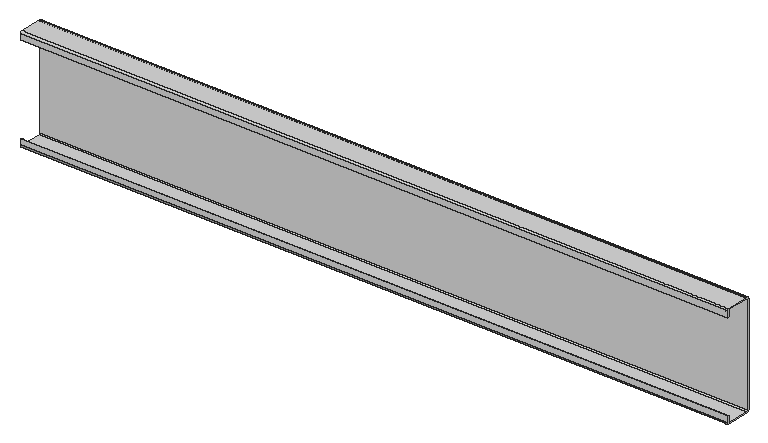
Revit family "051200 - Structural Steel Framing - Light Gauge - Joists", category Structural Framing, Revit 2020
Family settings
  Structural Framing Length Roundoff = 0' - 0"
  Section Shape = Not Defined
  Material for Model Behavior = Steel
  Always export as geometry = No
  OmniClass Number = 23.25.30.11.14.14
  OmniClass Title = Beams
  Always vertical = Yes
  Cut with Voids When Loaded = No
  Symbolic Representation = From Project Settings
  Shared = No
  Show family pre-cut in plan views = Yes
Parameters (values of type "7"x1.75"")
  t1 = if((t / 0.95 * 0' 1" / 1000) < 0' 0 1/32", 0' 0 1/32", (t / 0.95 * 0' 1" / 1000))  # 0' - 0.05684"
  t = 54
  d = 0' - 0 1/2"
  W = 0
  Structural Material [instance] = Metal - Light Gauge
  B = 0' - 1 3/4"
  Assembly Code = "B10"
  Length [instance] = 5' - 0"
  D = 0' - 7"
  A = 0.00 in²
Types (2): name | B | D
  7"x1.75" | 0' - 1 3/4" | 0' - 7"
  6"x1.5" | 0' - 1 1/2" | 0' - 6"
Reference planes (in)
  plane 1 "Center (Front/Back)": y = 0
  plane 2: z = 0
  plane 3 "Center (Left/Right)": x = 0.0003
  plane 4 "Member Left": x = -23.8185
  plane 5 "Member Right": x = 24.1815
  plane 6 "Top": z = 3.5
  plane 7: z = -3.5
  plane 8 "Left": x = -29.8185
  plane 9 "Right": x = 30.1815
  plane 10: y = -1.75
  plane 11: z = -3
  plane 12: z = 3
Forms (in)
  Sweep 1, solid, material "Metal - Light Gauge" <- "Structural Material"
    path origin (0, 0.00061, 0) x (1, 0, 0) y (0, 1, 0)
      loop
        line (24.1815, -0.00061) -> (-23.8185, -0.00061)
    profile origin (0.1815, 0, 0) x (0, -1, 0) y (0, 0, 1)
      loop
        line (0, 3.38132) -> (0, -3.38132)
        arc (0, -3.38132) -> (0.03476, -3.46524) -> (0.11868, -3.5) r 0.11868
        line (0.11868, -3.5) -> (1.63132, -3.5)
        arc (1.63132, -3.5) -> (1.71524, -3.46524) -> (1.75, -3.38132) r 0.11868
        line (1.75, -3.38132) -> (1.75, -3) -> (1.69316, -3) -> (1.69316, -3.38132)
        arc (1.69316, -3.38132) -> (1.67505, -3.42505) -> (1.63132, -3.44316) r 0.06184
        line (1.63132, -3.44316) -> (0.11868, -3.44316)
        arc (0.11868, -3.44316) -> (0.07495, -3.42505) -> (0.05684, -3.38132) r 0.06184
        line (0.05684, -3.38132) -> (0.05684, 3.38132)
        arc (0.05684, 3.38132) -> (0.07495, 3.42505) -> (0.11868, 3.44316) r 0.06184
        line (0.11868, 3.44316) -> (1.63132, 3.44316)
        arc (1.63132, 3.44316) -> (1.67505, 3.42505) -> (1.69316, 3.38132) r 0.06184
        line (1.69316, 3.38132) -> (1.69316, 3) -> (1.75, 3) -> (1.75, 3.38132)
        arc (1.75, 3.38132) -> (1.71524, 3.46524) -> (1.63132, 3.5) r 0.11868
        line (1.63132, 3.5) -> (0.11868, 3.5)
        arc (0.11868, 3.5) -> (0.03476, 3.46524) -> (0, 3.38132) r 0.11868
Lines and regions (in)
  symbolic lines, style "Hidden Faces", detail levels medium+fine
    curve 1: line (-23.8185, -0.05684, 0) -> (24.1815, -0.05684, 0)
    curve 2: line (-23.8185, 0.1875, 3.46875) -> (24.1815, 0.1875, 3.46875)
    curve 3: line (-23.8185, 0.1875, -3.46875) -> (24.1815, 0.1875, -3.46875)
    curve 4: line (-23.8185, -1.69316, 0) -> (24.1815, -1.69316, 0)
    curve 5: line (24.1815, 0, 3) -> (-23.8185, 0, 3)
    curve 6: line (24.1815, 0, -3) -> (-23.8185, 0, -3)
Dimensions and locks (in)
  "D": plane 7 to plane 6 "Top"
  equal spacing: plane 7, plane 2, plane 6 "Top"
  "Length": plane 8 "Left" to plane 9 "Right"
  "B": plane 1 "Center (Front/Back)" to plane 10
  "d": plane 7 to plane 11
  "d": plane 12 to plane 6 "Top"
  "t1": Sweep 1 sketch curve to Sweep 1 sketch curve  (x5)
  "t1": curve 1 to plane 1 "Center (Front/Back)"
  "t1": plane 10 to curve 4
  aligned and locked: Sweep 1 to plane 1 "Center (Front/Back)"
  aligned and locked: Sweep 1 to plane 6 "Top"
  aligned and locked: Sweep 1 sketch curve to plane 10
  aligned and locked: Sweep 1 sketch curve to plane 12
  aligned and locked: plane 11 to Sweep 1 sketch curve
  aligned and locked: Sweep 1 sketch curve to plane 1 "Center (Front/Back)"
  aligned and locked: Sweep 1 sketch curve to plane 6 "Top"
  aligned and locked: plane 10 to Sweep 1 sketch curve
  aligned and locked: plane 7 to Sweep 1 sketch curve
  aligned and locked: Sweep 1 to curve 6
  aligned and locked: plane 11 to Sweep 1
  aligned and locked: plane 12 to Sweep 1
  aligned and locked: curve 5 to Sweep 1
  aligned and locked: plane 4 "Member Left" to Sweep 1 sketch curve
  aligned and locked: plane 5 "Member Right" to Sweep 1 sketch curve
  aligned and locked: plane 4 "Member Left" to curve 1
  aligned and locked: plane 4 "Member Left" to curve 4
  aligned and locked: plane 5 "Member Right" to curve 1
  aligned and locked: plane 5 "Member Right" to curve 4
  aligned and locked: plane 4 "Member Left" to curve 2
  aligned and locked: plane 4 "Member Left" to curve 5
  aligned and locked: plane 4 "Member Left" to curve 3
  aligned and locked: plane 5 "Member Right" to curve 2
  aligned and locked: plane 5 "Member Right" to curve 5
  aligned and locked: plane 5 "Member Right" to curve 6
  aligned and locked: plane 5 "Member Right" to curve 3
Automatic sketch dimensions
  Sweep 1 sketch curve to Sweep 1 sketch curve = 0' - 0"  (x4)
  Sweep 1 sketch curve to Sweep 1 sketch curve = 0' - 0.06184"  (x4)
  curve 6 to plane 11 = 0' - 0"
  curve 3 to plane 7 = 0' - 0 1/32"
  plane 6 "Top" to curve 2 = 0' - 0 1/32"
  plane 1 "Center (Front/Back)" to Sweep 1 sketch curve = 0' - 0"
Types in the file's own list only (156): name | t1 | t | d | B | D
  C5 1/2 | 0' - 0 1/32" | 18 | 0' - 0 13/32" | 0' - 1 7/8" | 0' - 5 1/2"
  C6 | 0' - 0 1/32" | 18 | 0' - 0 13/32" | 0' - 1 5/8" | 0' - 6"
  C7 1/4 | 0' - 0 1/32" | 18 | 0' - 0 13/32" | 0' - 1 3/4" | 0' - 7 1/4"
  C8 | 0' - 0 1/32" | 18 | 0' - 0 13/32" | 0' - 2" | 0' - 8"
  C9 1/4 | 0' - 0 1/32" | 18 | 0' - 0 13/32" | 0' - 2 1/2" | 0' - 9 1/4"
  C10 | 0' - 0 1/32" | 18 | 0' - 0 13/32" | 0' - 2 1/2" | 0' - 10"
  C12 | 0' - 0 1/32" | 18 | 0' - 0 13/32" | 0' - 2 1/2" | 1' - 0"
  162S125-18 | 0' - 0 1/32" | 18 | 0' - 0 3/16" | 0' - 1 1/4" | 0' - 1 5/8"
  162S125-27 | 0' - 0 1/32" | 27 | 0' - 0 3/16" | 0' - 1 1/4" | 0' - 1 5/8"
  162S125-30 | 0' - 0 1/32" | 30 | 0' - 0 3/16" | 0' - 1 1/4" | 0' - 1 5/8"
  162S125-33 | 0' - 0 1/32" | 33 | 0' - 0 3/16" | 0' - 1 1/4" | 0' - 1 5/8"
  250S125-18 | 0' - 0 1/32" | 18 | 0' - 0 3/16" | 0' - 1 1/4" | 0' - 2 1/2"
  250S125-27 | 0' - 0 1/32" | 27 | 0' - 0 3/16" | 0' - 1 1/4" | 0' - 2 1/2"
  250S125-30 | 0' - 0 1/32" | 30 | 0' - 0 3/16" | 0' - 1 1/4" | 0' - 2 1/2"
  250S125-33 | 0' - 0 1/32" | 33 | 0' - 0 3/16" | 0' - 1 1/4" | 0' - 2 1/2"
  250S125-43 | 0' - 0 1/32" | 43 | 0' - 0 3/16" | 0' - 1 1/4" | 0' - 2 1/2"
  250S125-54 | 0' - 0 1/16" | 54 | 0' - 0 3/16" | 0' - 1 1/4" | 0' - 2 1/2"
  250S125-68 | 0' - 0 1/16" | 68 | 0' - 0 3/16" | 0' - 1 1/4" | 0' - 2 1/2"
  350S125-18 | 0' - 0 1/32" | 18 | 0' - 0 3/16" | 0' - 1 1/4" | 0' - 3 1/2"
  350S125-27 | 0' - 0 1/32" | 27 | 0' - 0 3/16" | 0' - 1 1/4" | 0' - 3 1/2"
  350S125-30 | 0' - 0 1/32" | 30 | 0' - 0 3/16" | 0' - 1 1/4" | 0' - 3 1/2"
  350S125-33 | 0' - 0 1/32" | 33 | 0' - 0 3/16" | 0' - 1 1/4" | 0' - 3 1/2"
  350S125-43 | 0' - 0 1/32" | 43 | 0' - 0 3/16" | 0' - 1 1/4" | 0' - 3 1/2"
  350S125-54 | 0' - 0 1/16" | 54 | 0' - 0 3/16" | 0' - 1 1/4" | 0' - 3 1/2"
  350S125-68 | 0' - 0 1/16" | 68 | 0' - 0 3/16" | 0' - 1 1/4" | 0' - 3 1/2"
  362S125-18 | 0' - 0 1/32" | 18 | 0' - 0 3/16" | 0' - 1 1/4" | 0' - 3 5/8"
  362S125-27 | 0' - 0 1/32" | 27 | 0' - 0 3/16" | 0' - 1 1/4" | 0' - 3 5/8"
  362S125-30 | 0' - 0 1/32" | 30 | 0' - 0 3/16" | 0' - 1 1/4" | 0' - 3 5/8"
  362S125-33 | 0' - 0 1/32" | 33 | 0' - 0 3/16" | 0' - 1 1/4" | 0' - 3 5/8"
  362S125-43 | 0' - 0 1/32" | 43 | 0' - 0 3/16" | 0' - 1 1/4" | 0' - 3 5/8"
  362S125-54 | 0' - 0 1/16" | 54 | 0' - 0 3/16" | 0' - 1 1/4" | 0' - 3 5/8"
  362S125-68 | 0' - 0 1/16" | 68 | 0' - 0 3/16" | 0' - 1 1/4" | 0' - 3 5/8"
  400S125-18 | 0' - 0 1/32" | 18 | 0' - 0 3/16" | 0' - 1 1/4" | 0' - 4"
  400S125-27 | 0' - 0 1/32" | 27 | 0' - 0 3/16" | 0' - 1 1/4" | 0' - 4"
  400S125-30 | 0' - 0 1/32" | 30 | 0' - 0 3/16" | 0' - 1 1/4" | 0' - 4"
  400S125-33 | 0' - 0 1/32" | 33 | 0' - 0 3/16" | 0' - 1 1/4" | 0' - 4"
  400S125-43 | 0' - 0 1/32" | 43 | 0' - 0 3/16" | 0' - 1 1/4" | 0' - 4"
  400S125-54 | 0' - 0 1/16" | 54 | 0' - 0 3/16" | 0' - 1 1/4" | 0' - 4"
  400S125-68 | 0' - 0 1/16" | 68 | 0' - 0 3/16" | 0' - 1 1/4" | 0' - 4"
  550S125-18 | 0' - 0 1/32" | 18 | 0' - 0 3/16" | 0' - 1 1/4" | 0' - 5 1/2"
  550S125-27 | 0' - 0 1/32" | 27 | 0' - 0 3/16" | 0' - 1 1/4" | 0' - 5 1/2"
  550S125-30 | 0' - 0 1/32" | 30 | 0' - 0 3/16" | 0' - 1 1/4" | 0' - 5 1/2"
  550S125-33 | 0' - 0 1/32" | 33 | 0' - 0 3/16" | 0' - 1 1/4" | 0' - 5 1/2"
  550S125-43 | 0' - 0 1/32" | 43 | 0' - 0 3/16" | 0' - 1 1/4" | 0' - 5 1/2"
  550S125-54 | 0' - 0 1/16" | 54 | 0' - 0 3/16" | 0' - 1 1/4" | 0' - 5 1/2"
  550S125-68 | 0' - 0 1/16" | 68 | 0' - 0 3/16" | 0' - 1 1/4" | 0' - 5 1/2"
  600S125-18 | 0' - 0 1/32" | 18 | 0' - 0 3/16" | 0' - 1 1/4" | 0' - 6"
  600S125-27 | 0' - 0 1/32" | 27 | 0' - 0 3/16" | 0' - 1 1/4" | 0' - 6"
  600S125-30 | 0' - 0 1/32" | 30 | 0' - 0 3/16" | 0' - 1 1/4" | 0' - 6"
  600S125-33 | 0' - 0 1/32" | 33 | 0' - 0 3/16" | 0' - 1 1/4" | 0' - 6"
  600S125-43 | 0' - 0 1/32" | 43 | 0' - 0 3/16" | 0' - 1 1/4" | 0' - 6"
  600S125-54 | 0' - 0 1/16" | 54 | 0' - 0 3/16" | 0' - 1 1/4" | 0' - 6"
  600S125-68 | 0' - 0 1/16" | 68 | 0' - 0 3/16" | 0' - 1 1/4" | 0' - 6"
  800S125-33 | 0' - 0 1/32" | 33 | 0' - 0 3/16" | 0' - 1 1/4" | 0' - 8"
  800S125-43 | 0' - 0 1/32" | 43 | 0' - 0 3/16" | 0' - 1 1/4" | 0' - 8"
  800S125-54 | 0' - 0 1/16" | 54 | 0' - 0 3/16" | 0' - 1 1/4" | 0' - 8"
  800S125-68 | 0' - 0 1/16" | 68 | 0' - 0 3/16" | 0' - 1 1/4" | 0' - 8"
  250S137-33 | 0' - 0 1/32" | 33 | 0' - 0 3/8" | 0' - 1 3/8" | 0' - 2 1/2"
  250S137-43 | 0' - 0 1/32" | 43 | 0' - 0 3/8" | 0' - 1 3/8" | 0' - 2 1/2"
  250S137-54 | 0' - 0 1/16" | 54 | 0' - 0 3/8" | 0' - 1 3/8" | 0' - 2 1/2"
  250S137-68 | 0' - 0 1/16" | 68 | 0' - 0 3/8" | 0' - 1 3/8" | 0' - 2 1/2"
  250S162-33 | 0' - 0 1/32" | 33 | 0' - 0 1/2" | 0' - 1 5/8" | 0' - 2 1/2"
  250S162-43 | 0' - 0 1/32" | 43 | 0' - 0 1/2" | 0' - 1 5/8" | 0' - 2 1/2"
  250S162-54 | 0' - 0 1/16" | 54 | 0' - 0 1/2" | 0' - 1 5/8" | 0' - 2 1/2"
  250S162-68 | 0' - 0 1/16" | 68 | 0' - 0 1/2" | 0' - 1 5/8" | 0' - 2 1/2"
  350S162-33 | 0' - 0 1/32" | 33 | 0' - 0 1/2" | 0' - 1 5/8" | 0' - 3 1/2"
  350S162-43 | 0' - 0 1/32" | 43 | 0' - 0 1/2" | 0' - 1 5/8" | 0' - 3 1/2"
  350S162-54 | 0' - 0 1/16" | 54 | 0' - 0 1/2" | 0' - 1 5/8" | 0' - 3 1/2"
  350S162-68 | 0' - 0 1/16" | 68 | 0' - 0 1/2" | 0' - 1 5/8" | 0' - 3 1/2"
  362S137-33 | 0' - 0 1/32" | 33 | 0' - 0 3/8" | 0' - 1 3/8" | 0' - 3 5/8"
  362S137-43 | 0' - 0 1/32" | 43 | 0' - 0 3/8" | 0' - 1 3/8" | 0' - 3 5/8"
  362S137-54 | 0' - 0 1/16" | 54 | 0' - 0 3/8" | 0' - 1 3/8" | 0' - 3 5/8"
  362S137-68 | 0' - 0 1/16" | 68 | 0' - 0 3/8" | 0' - 1 3/8" | 0' - 3 5/8"
  362S162-33 | 0' - 0 1/32" | 33 | 0' - 0 1/2" | 0' - 1 5/8" | 0' - 3 5/8"
  362S162-43 | 0' - 0 1/32" | 43 | 0' - 0 1/2" | 0' - 1 5/8" | 0' - 3 5/8"
  362S162-54 | 0' - 0 1/16" | 54 | 0' - 0 1/2" | 0' - 1 5/8" | 0' - 3 5/8"
  362S162-68 | 0' - 0 1/16" | 68 | 0' - 0 1/2" | 0' - 1 5/8" | 0' - 3 5/8"
  362S200-33 | 0' - 0 1/32" | 33 | 0' - 0 5/8" | 0' - 2" | 0' - 3 5/8"
  362S200-43 | 0' - 0 1/32" | 43 | 0' - 0 5/8" | 0' - 2" | 0' - 3 5/8"
  362S200-54 | 0' - 0 1/16" | 54 | 0' - 0 5/8" | 0' - 2" | 0' - 3 5/8"
  362S200-68 | 0' - 0 1/16" | 68 | 0' - 0 5/8" | 0' - 2" | 0' - 3 5/8"
  400S137-33 | 0' - 0 1/32" | 33 | 0' - 0 3/8" | 0' - 1 3/8" | 0' - 4"
  400S137-43 | 0' - 0 1/32" | 43 | 0' - 0 3/8" | 0' - 1 3/8" | 0' - 4"
  400S137-54 | 0' - 0 1/16" | 54 | 0' - 0 3/8" | 0' - 1 3/8" | 0' - 4"
  400S137-68 | 0' - 0 1/16" | 68 | 0' - 0 3/8" | 0' - 1 3/8" | 0' - 4"
  400S162-33 | 0' - 0 1/32" | 33 | 0' - 0 1/2" | 0' - 1 5/8" | 0' - 4"
  400S162-43 | 0' - 0 1/32" | 43 | 0' - 0 1/2" | 0' - 1 5/8" | 0' - 4"
  400S162-54 | 0' - 0 1/16" | 54 | 0' - 0 1/2" | 0' - 1 5/8" | 0' - 4"
  400S162-68 | 0' - 0 1/16" | 68 | 0' - 0 1/2" | 0' - 1 5/8" | 0' - 4"
  400S200-33 | 0' - 0 1/32" | 33 | 0' - 0 5/8" | 0' - 2" | 0' - 4"
  400S200-43 | 0' - 0 1/32" | 43 | 0' - 0 5/8" | 0' - 2" | 0' - 4"
  400S200-54 | 0' - 0 1/16" | 54 | 0' - 0 5/8" | 0' - 2" | 0' - 4"
  400S200-68 | 0' - 0 1/16" | 68 | 0' - 0 5/8" | 0' - 2" | 0' - 4"
  550S162-33 | 0' - 0 1/32" | 33 | 0' - 0 1/2" | 0' - 1 5/8" | 0' - 5 1/2"
  550S162-43 | 0' - 0 1/32" | 43 | 0' - 0 1/2" | 0' - 1 5/8" | 0' - 5 1/2"
  550S162-54 | 0' - 0 1/16" | 54 | 0' - 0 1/2" | 0' - 1 5/8" | 0' - 5 1/2"
  550S162-68 | 0' - 0 1/16" | 68 | 0' - 0 1/2" | 0' - 1 5/8" | 0' - 5 1/2"
  600S137-33 | 0' - 0 1/32" | 33 | 0' - 0 3/8" | 0' - 1 3/8" | 0' - 6"
  600S137-43 | 0' - 0 1/32" | 43 | 0' - 0 3/8" | 0' - 1 3/8" | 0' - 6"
  600S137-54 | 0' - 0 1/16" | 54 | 0' - 0 3/8" | 0' - 1 3/8" | 0' - 6"
  600S137-68 | 0' - 0 1/16" | 68 | 0' - 0 3/8" | 0' - 1 3/8" | 0' - 6"
  600S137-97 | 0' - 0 3/32" | 97 | 0' - 0 3/8" | 0' - 1 3/8" | 0' - 6"
  600S162-33 | 0' - 0 1/32" | 33 | 0' - 0 1/2" | 0' - 1 5/8" | 0' - 6"
  600S162-43 | 0' - 0 1/32" | 43 | 0' - 0 1/2" | 0' - 1 5/8" | 0' - 6"
  600S162-54 | 0' - 0 1/16" | 54 | 0' - 0 1/2" | 0' - 1 5/8" | 0' - 6"
  600S162-68 | 0' - 0 1/16" | 68 | 0' - 0 1/2" | 0' - 1 5/8" | 0' - 6"
  600S162-97 | 0' - 0 3/32" | 97 | 0' - 0 1/2" | 0' - 1 5/8" | 0' - 6"
  600S200-33 | 0' - 0 1/32" | 33 | 0' - 0 5/8" | 0' - 2" | 0' - 6"
  600S200-43 | 0' - 0 1/32" | 43 | 0' - 0 5/8" | 0' - 2" | 0' - 6"
  600S200-54 | 0' - 0 1/16" | 54 | 0' - 0 5/8" | 0' - 2" | 0' - 6"
  600S200-68 | 0' - 0 1/16" | 68 | 0' - 0 5/8" | 0' - 2" | 0' - 6"
  600S200-97 | 0' - 0 3/32" | 97 | 0' - 0 5/8" | 0' - 2" | 0' - 6"
  600S250-43 | 0' - 0 1/32" | 43 | 0' - 0 5/8" | 0' - 2 1/2" | 0' - 6"
  600S250-54 | 0' - 0 1/16" | 54 | 0' - 0 5/8" | 0' - 2 1/2" | 0' - 6"
  600S250-68 | 0' - 0 1/16" | 68 | 0' - 0 5/8" | 0' - 2 1/2" | 0' - 6"
  600S250-97 | 0' - 0 3/32" | 97 | 0' - 0 5/8" | 0' - 2 1/2" | 0' - 6"
  800S137-33 | 0' - 0 1/32" | 33 | 0' - 0 3/8" | 0' - 1 3/8" | 0' - 8"
  800S137-43 | 0' - 0 1/32" | 43 | 0' - 0 3/8" | 0' - 1 3/8" | 0' - 8"
  800S137-54 | 0' - 0 1/16" | 54 | 0' - 0 3/8" | 0' - 1 3/8" | 0' - 8"
  800S137-68 | 0' - 0 1/16" | 68 | 0' - 0 3/8" | 0' - 1 3/8" | 0' - 8"
  800S137-97 | 0' - 0 3/32" | 97 | 0' - 0 3/8" | 0' - 1 3/8" | 0' - 8"
  800S162-33 | 0' - 0 1/32" | 33 | 0' - 0 1/2" | 0' - 1 5/8" | 0' - 8"
  800S162-43 | 0' - 0 1/32" | 43 | 0' - 0 1/2" | 0' - 1 5/8" | 0' - 8"
  800S162-54 | 0' - 0 1/16" | 54 | 0' - 0 1/2" | 0' - 1 5/8" | 0' - 8"
  800S162-68 | 0' - 0 1/16" | 68 | 0' - 0 1/2" | 0' - 1 5/8" | 0' - 8"
  800S162-97 | 0' - 0 3/32" | 97 | 0' - 0 1/2" | 0' - 1 5/8" | 0' - 8"
  800S200-33 | 0' - 0 1/32" | 33 | 0' - 0 5/8" | 0' - 2" | 0' - 8"
  800S200-43 | 0' - 0 1/32" | 43 | 0' - 0 5/8" | 0' - 2" | 0' - 8"
  800S200-54 | 0' - 0 1/16" | 54 | 0' - 0 5/8" | 0' - 2" | 0' - 8"
  800S200-68 | 0' - 0 1/16" | 68 | 0' - 0 5/8" | 0' - 2" | 0' - 8"
  800S200-97 | 0' - 0 3/32" | 97 | 0' - 0 5/8" | 0' - 2" | 0' - 8"
  800S250-43 | 0' - 0 1/32" | 43 | 0' - 0 5/8" | 0' - 2 1/2" | 0' - 8"
  800S250-54 | 0' - 0 1/16" | 54 | 0' - 0 5/8" | 0' - 2 1/2" | 0' - 8"
  800S250-68 | 0' - 0 1/16" | 68 | 0' - 0 5/8" | 0' - 2 1/2" | 0' - 8"
  800S250-97 | 0' - 0 3/32" | 97 | 0' - 0 5/8" | 0' - 2 1/2" | 0' - 8"
  1000S162-43 | 0' - 0 1/32" | 43 | 0' - 0 1/2" | 0' - 1 5/8" | 0' - 10"
  1000S162-54 | 0' - 0 1/16" | 54 | 0' - 0 1/2" | 0' - 1 5/8" | 0' - 10"
  1000S162-68 | 0' - 0 1/16" | 68 | 0' - 0 1/2" | 0' - 1 5/8" | 0' - 10"
  1000S162-97 | 0' - 0 3/32" | 97 | 0' - 0 1/2" | 0' - 1 5/8" | 0' - 10"
  1000S200-43 | 0' - 0 1/32" | 43 | 0' - 0 5/8" | 0' - 2" | 0' - 10"
  1000S200-54 | 0' - 0 1/16" | 54 | 0' - 0 5/8" | 0' - 2" | 0' - 10"
  1000S200-68 | 0' - 0 1/16" | 68 | 0' - 0 5/8" | 0' - 2" | 0' - 10"
  1000S200-97 | 0' - 0 3/32" | 97 | 0' - 0 5/8" | 0' - 2" | 0' - 10"
  1000S250-43 | 0' - 0 1/32" | 43 | 0' - 0 5/8" | 0' - 2 1/2" | 0' - 10"
  1000S250-54 | 0' - 0 1/16" | 54 | 0' - 0 5/8" | 0' - 2 1/2" | 0' - 10"
  1000S250-68 | 0' - 0 1/16" | 68 | 0' - 0 5/8" | 0' - 2 1/2" | 0' - 10"
  1000S250-97 | 0' - 0 3/32" | 97 | 0' - 0 5/8" | 0' - 2 1/2" | 0' - 10"
  1200S162-54 | 0' - 0 1/16" | 54 | 0' - 0 1/2" | 0' - 1 5/8" | 1' - 0"
  1200S162-68 | 0' - 0 1/16" | 68 | 0' - 0 1/2" | 0' - 1 5/8" | 1' - 0"
  1200S162-97 | 0' - 0 3/32" | 97 | 0' - 0 1/2" | 0' - 1 5/8" | 1' - 0"
  1200S200-54 | 0' - 0 1/16" | 54 | 0' - 0 5/8" | 0' - 2" | 1' - 0"
  1200S200-68 | 0' - 0 1/16" | 68 | 0' - 0 5/8" | 0' - 2" | 1' - 0"
  1200S200-97 | 0' - 0 3/32" | 97 | 0' - 0 5/8" | 0' - 2" | 1' - 0"
  1200S250-54 | 0' - 0 1/16" | 54 | 0' - 0 5/8" | 0' - 2 1/2" | 1' - 0"
  1200S250-68 | 0' - 0 1/16" | 68 | 0' - 0 5/8" | 0' - 2 1/2" | 1' - 0"
  1200S250-97 | 0' - 0 3/32" | 97 | 0' - 0 5/8" | 0' - 2 1/2" | 1' - 0"
